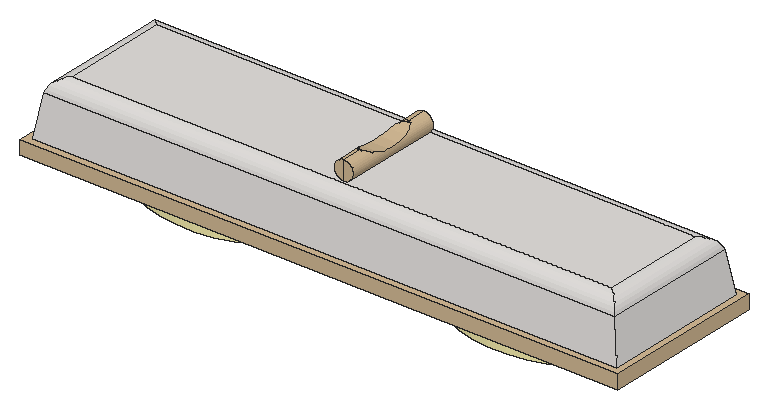
Revit family "BANCO PRETO E BRANCO", category Sistema de mobiliário, Revit 2024
Family settings
  Cota do conector redondo = Utilizar diâmetro
  Tipo de parte = Normal
  Com base no plano de trabalho = Não
  Ativar corte nas vistas = Não
  Sempre na vertical = Sim
  Corte com vazios quando carregada = Não
  Compartilhado = Não
  Ponto de cálculo do ambiente = Não
Parameters
  Elevação padrão = 0.0 cm
Reference planes (cm)
  plane 1 "Centro (Frente/Trás)": y = 0
  plane 2: z = 0
  plane 3 "Centro (Esquerda/Direita)": x = 0
  plane 4: x = -130
  plane 5: x = 130
  plane 6: y = -59.7656
  plane 7: y = 59.7656
Forms (cm)
  Extrusion 1, solid, material "MADEIRA NATURAL"
    sketch origin (0, 0, 0) x (1, 0, 0) y (0, 1, 0)
      loop
        line (341.7438, 187.9582) -> (561.7438, 187.9582) -> (561.7438, 247.9582) -> (341.7438, 247.9582) -> (341.7438, 187.9582)
    from 0 to 2.5
  Extrusion 2, solid, material "MADEIRA NATURAL"
    sketch origin (0, 0, 2.5) x (1, 0, 0) y (0, 1, 0)
      loop
        line (341.7438, 187.9582) -> (561.7438, 187.9582) -> (561.7438, 247.9582) -> (341.7438, 247.9582) -> (341.7438, 187.9582)
      loop
        line (344.2438, 245.4582) -> (344.2438, 190.4582) -> (559.2438, 190.4582) -> (559.2438, 245.4582) -> (344.2438, 245.4582)
    from 0 to 2.5
  Extrusion 3, solid, material "FREIJÓ"
    sketch origin (184.4666, 106.553, -10) x (1, 0, 0) y (0, 1, 0)
      loop
        spline (242.2771, 111.4052) -> (241.1697, 116.5816) -> (237.923, 121.4052) -> (232.7581, 125.5473) -> (226.0271, 128.7257) -> (218.1887, 130.7237) -> (209.7771, 131.4052) -> (201.3655, 130.7237) -> (193.5271, 128.7257) -> (186.7962, 125.5473) -> (181.6313, 121.4052) -> (178.3845, 116.5816) -> (177.2771, 111.4052)
        spline (177.2771, 111.4052) -> (178.3845, 106.2288) -> (181.6313, 101.4052) -> (186.7962, 97.2631) -> (193.5271, 94.0847) -> (201.3655, 92.0867) -> (209.7771, 91.4052) -> (218.1887, 92.0867) -> (226.0271, 94.0847) -> (232.7581, 97.2631) -> (237.923, 101.4052) -> (241.1697, 106.2288) -> (242.2771, 111.4052)
      loop
        spline (292.2771, 111.4052) -> (293.3845, 106.2288) -> (296.6313, 101.4052) -> (301.7962, 97.2631) -> (308.5271, 94.0847) -> (316.3655, 92.0867) -> (324.7771, 91.4052) -> (333.1887, 92.0867) -> (341.0271, 94.0847) -> (347.7581, 97.2631) -> (352.923, 101.4052) -> (356.1697, 106.2288) -> (357.2771, 111.4052)
        spline (357.2771, 111.4052) -> (356.1697, 116.5816) -> (352.923, 121.4052) -> (347.7581, 125.5473) -> (341.0271, 128.7257) -> (333.1887, 130.7237) -> (324.7771, 131.4052) -> (316.3655, 130.7237) -> (308.5271, 128.7257) -> (301.7962, 125.5473) -> (296.6313, 121.4052) -> (293.3845, 116.5816) -> (292.2771, 111.4052)
    from 0 to 10
  Sweep 4, solid, material "TECIDO"
    path origin (561.7438, 446.8305, 5) x (0, 1, 0) y (-1, 0, 0)
      loop
        line (-211.3723, 207.5) -> (-246.3723, 207.5) -> (-246.3723, 12.5) -> (-211.3723, 12.5) -> (-211.3723, 207.5)
    profile origin (451.7438, 235.4582, 5) x (0, 1, 0) y (0, 0, 1)
      loop
        line (0, 0) -> (10, 0) -> (7.6176, 14.9446)
        arc (7.6176, 14.9446) -> (5.5868, 18.5644) -> (1.6924, 20) r 6
        line (1.6924, 20) -> (0, 20) -> (0, 0)
  Extrusion 5, solid, material "TECIDO"
    sketch origin (561.7438, 446.8305, -45.6745) x (0, 1, 0) y (-1, 0, 0)
      loop
        line (-246.3723, 207.5) -> (-246.3723, 12.5) -> (-211.3723, 12.5) -> (-211.3723, 207.5) -> (-246.3723, 207.5)
    from 50.6745 to 70.6745
  Extrusion 6, void
    sketch origin (500.7407, -20.4906, 49.0205) x (0, -1, 0) y (0, 0, -1)
      loop
        line (-252.6041, 15.3173) -> (-224.6041, 15.3173) -> (-224.6041, 16.5366)
        arc (-224.6041, 16.5366) -> (-226.2925, 16.7168) -> (-227.9048, 17.2493) r 8
        arc (-227.9048, 17.2493) -> (-238.4572, 19.5277) -> (-249.0097, 17.2493) r 25.5764
        arc (-249.0097, 17.2493) -> (-250.622, 16.7168) -> (-252.3104, 16.5366) r 8
        line (-252.3104, 16.5366) -> (-252.6041, 16.5366) -> (-252.6041, 15.3173)
    from -80.814 to 271.1827
  Revolve 7, solid, material "MADEIRA NATURAL"
    sketch origin (451.6936, -24.5645, 98.075) x (0, -1, 0) y (0, 0, -1)
      loop
        line (-260.6265, 69.5741) -> (-260.6265, 66.0741) -> (-224.1319, 66.0741) -> (-224.1319, 69.5741) -> (-260.6265, 69.5741)
      axis (-260.6265, 69.5741) -> (-224.1319, 69.5741)
    angle from 0 to 360
Cuts and joins
  joined: Extrusion 1, Extrusion 2
  joined: Sweep 4, Extrusion 5
  Extrusion 6 cuts Revolve 7
Lines and regions (cm)
  symbolic lines
    curve 1: line (411.7438, 0, 0) -> (491.7438, 0, 0)
Dimensions and locks (cm)
  aligned and locked: level to plane 2
